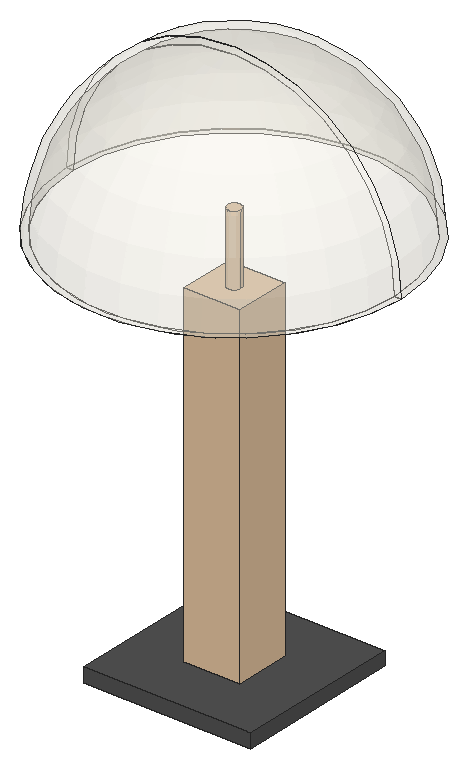
Revit family "M_Abajur de mesa - Hemisférico", category Luminárias, Revit 2019
Family settings
  Cota do conector redondo = Utilizar diâmetro
  Tipo de parte = Normal
  Número OmniClass = 23.80.70.11.11
  Título OmniClass = General Luminaries, Non Directional
  ID de item do Seek = Table Lamp - Hemispheric-0000-CAN-ENU
  Com base no plano de trabalho = Não
  Sempre na vertical = Sim
  Corte com vazios quando carregada = Não
  Fonte luminosa = Sim
  Compartilhado = Não
  Ponto de cálculo do ambiente = Não
Parameters (values of type "100W - 120V")
  Wattage = 100 W
  built-in parameter 1150110 = 1 (stored number, unit not read)
  built-in parameter 1114217 = 1 (stored number, unit not read)
  built-in parameter 1150109 = 1 (stored number, unit not read)
  built-in parameter 1150134 = 4
  built-in parameter 1150113 = 1 (stored number, unit not read)
  Tilt Angle = 90.00°
  Arquivo de rede fotométrica = "TLAE1A21.ies"
  Material de montagem = Aço, Cromo polido
  built-in parameter 1150115 = 1 (stored number, unit not read)
  built-in parameter 1150105 = 95.493 (stored number, unit not read)
  Classificação de carga = Iluminação - Unidade de interrupção
  built-in parameter 1150137 = 1
  built-in parameter 1150139 = (empty or 0)
  built-in parameter 1150112 = 1 (stored number, unit not read)
  built-in parameter 1150114 = 1 (stored number, unit not read)
  built-in parameter 1150132 = (empty or 0)
  built-in parameter 1150102 = (empty or 0)
  built-in parameter 1150138 = (empty or 0)
  built-in parameter 1150107 = 2800 (stored number, unit not read)
  built-in parameter 1150106 = 0.95493 (stored number, unit not read)
  built-in parameter 1150104 = 1.1148 (stored number, unit not read)
  Dimming Lamp Color Temperature Shift = (empty or 0)
  Color Filter = 16777215
  Voltagem = 120 V
  Número de pólos = 1
  built-in parameter 1114218 = 1 (stored number, unit not read)
  built-in parameter 1150133 = 10 (stored number, unit not read)
  Código de montagem = "D5020220"
  Lâmpada = "R-30"
  Lumens = 1200 lm
  Material de sombra = Plástico, Sombra da lâmpada
  Material base = Bétula
  Wattage Comments = ""
  Carga aparente = 100 VA
Types (5, lengths in mm): name | Wattage | Arquivo de rede fotométrica | built-in parameter 1150105 | built-in parameter 1150106 | built-in parameter 1150104 | Voltagem | Lâmpada | Lumens | Carga aparente
  (no name) | 100 W | "TLAE1A21.ies" | 95.493 (stored number, unit not read) | 0.95493 (stored number, unit not read) | 1.1148 (stored number, unit not read) | 120 V | "R-30" | 1200 lm | 100 VA
  60W - 120V | 60 W | "TLAE1A19.ies" | 68.039 (stored number, unit not read) | 0.68039 (stored number, unit not read) | 1.3239 (stored number, unit not read) | 120 V | "A-19" | 855 lm | 60 VA
  60W - 277V | 60 W | "TLAE1A19.ies" | 68.039 (stored number, unit not read) | 0.68039 (stored number, unit not read) | 1.3239 (stored number, unit not read) | 277 V | "A-19" | 855 lm | 60 VA
  100W - 120V | 100 W | "TLAE1A21.ies" | 95.493 (stored number, unit not read) | 0.95493 (stored number, unit not read) | 1.1148 (stored number, unit not read) | 120 V | "R-30" | 1200 lm | 100 VA
  100W - 277V | 100 W | "TLAE1A21.ies" | 95.493 (stored number, unit not read) | 0.95493 (stored number, unit not read) | 1.1148 (stored number, unit not read) | 277 V | "R-30" | 1200 lm | 100 VA
Reference planes
  plane 1 "Eixo de origem da luz": y = 0
  plane 2: z = 0
  plane 3 "Eixo de origem da luz": x = 0
  plane 4 "Elevação da origem da luz": z = 425.95
  plane 5: y = 25.4
  plane 6: y = -25.4
  plane 7: x = -25.4
  plane 8: x = 25.4
  plane 9: z = 560.558
  plane 10: z = 408.158
Forms (mm)
  Extrusion 1, solid, material "Aço, Cromo polido" <- "Material de montagem"
    sketch origin (0, 0, 0) x (1, 0, 0) y (0, 1, 0)
      loop
        line (-76.2, 76.2) -> (-76.2, -76.2) -> (76.2, -76.2) -> (76.2, 76.2) -> (-76.2, 76.2)
    from 12.7 to 25.4
  Revolve 2, solid, material "Aço, Cromo polido" <- "Material de montagem"
    sketch origin (0, 50.8, 0) x (1, 0, 0) y (0, 0, 1)
      loop
        line (53.975, 12.7) -> (53.975, 0)
        arc (53.975, 0) -> (62.955, 3.72) -> (66.675, 12.7) r 12.7
        line (66.675, 12.7) -> (53.975, 12.7)
      axis (50.8, 12.7) -> (50.8, 0)
    angle from 0 to 360
  Revolve 3, solid, material "Aço, Cromo polido" <- "Material de montagem"
    sketch origin (0.024, -50.8, 0) x (1, 0, 0) y (0, 0, 1)
      loop
        line (53.975, 12.7) -> (53.975, 0)
        arc (53.975, 0) -> (62.955, 3.72) -> (66.675, 12.7) r 12.7
        line (66.675, 12.7) -> (53.975, 12.7)
      axis (50.8, 12.7) -> (50.8, 0)
    angle from 0 to 360
  Revolve 4, solid, material "Aço, Cromo polido" <- "Material de montagem"
    sketch origin (-101.683, 50.8, 0) x (1, 0, 0) y (0, 0, 1)
      loop
        line (53.975, 12.7) -> (53.975, 0)
        arc (53.975, 0) -> (62.955, 3.72) -> (66.675, 12.7) r 12.7
        line (66.675, 12.7) -> (53.975, 12.7)
      axis (50.8, 12.7) -> (50.8, 0)
    angle from 0 to 360
  Revolve 5, solid, material "Aço, Cromo polido" <- "Material de montagem"
    sketch origin (-101.659, -50.8, 0) x (1, 0, 0) y (0, 0, 1)
      loop
        line (53.975, 12.7) -> (53.975, 0)
        arc (53.975, 0) -> (62.955, 3.72) -> (66.675, 12.7) r 12.7
        line (66.675, 12.7) -> (53.975, 12.7)
      axis (50.8, 12.7) -> (50.8, 0)
    angle from 0 to 360
  Extrusion 6, solid, material "Bétula" <- "Material base"
    sketch origin (0, 0, 25.4) x (1, 0, 0) y (0, 1, 0)
      loop
        line (-25.4, -25.4) -> (25.4, -25.4) -> (25.4, 25.4) -> (-25.4, 25.4) -> (-25.4, -25.4)
    from 0 to 304.8
  Extrusion 7, solid, material "Bétula" <- "Material base"
    sketch origin (0, 0, 330.2) x (1, 0, 0) y (0, 1, 0)
      loop
        circle (0, 0) r 6.35
    from 0 to 63.5
  Revolve 8, solid, material "Plástico, Sombra da lâmpada" <- "Material de sombra"
    sketch origin (0, 0, -36.048) x (1, 0, 0) y (0, 0, 1)
      loop
        line (0, 560.558) -> (0, 554.208)
        arc (0, 554.208) -> (103.273, 511.431) -> (146.05, 408.158) r 146.05
        line (146.05, 408.158) -> (152.4, 408.158)
        arc (152.4, 408.158) -> (107.763, 515.921) -> (0, 560.558) r 152.4
      axis (0, 560.558) -> (0, 408.158)
    angle from 0 to 360
Lines and regions (mm)
  symbolic lines
    curve 1: line (-76.2, 76.2, 0) -> (76.2, 76.2, 0)
    curve 2: line (-76.2, -76.2, 0) -> (-76.2, 76.2, 0)
    curve 3: line (76.2, -76.2, 0) -> (-76.2, -76.2, 0)
    curve 4: line (76.2, 76.2, 0) -> (76.2, -76.2, 0)
    curve 5: line (-25.4, 25.4, 0) -> (25.4, 25.4, 0)
    curve 6: line (-25.4, -25.4, 0) -> (-25.4, 25.4, 0)
    curve 7: line (25.4, -25.4, 0) -> (-25.4, -25.4, 0)
    curve 8: line (25.4, 25.4, 0) -> (25.4, -25.4, 0)
    curve 9: arc (152.4, 0, 0) -> (0, 152.4, 0) -> (-152.4, 0, 0) r 152.4
    curve 10: arc (-152.4, 0, 0) -> (0, -152.4, 0) -> (152.4, 0, 0) r 152.4
Dimensions and locks
  aligned and locked: plane 3 "Eixo de origem da luz" to imposter light
  aligned and locked: plane 1 "Eixo de origem da luz" to imposter light
  aligned and locked: plane 4 "Elevação da origem da luz" to imposter light
